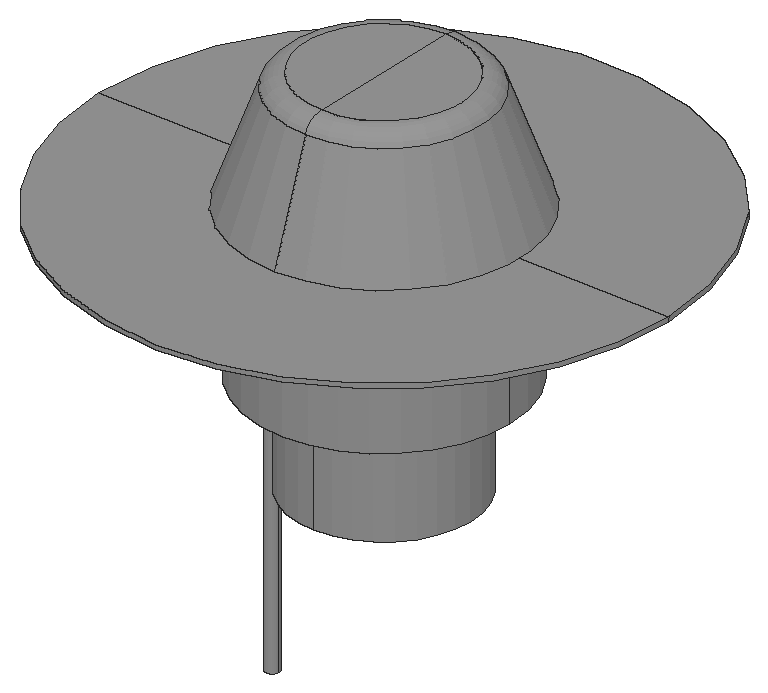
Revit family "HL_Dachablauf_HL62.1F-B-221103", category Instalační zařizovací předměty, Revit 2021
Family settings
  Kóta kulaté spojky = Použít průměr
  Typ dílu = Normální
  Číslo OmniClass = 23.70.50.21.24.14
  Nadpis OmniClass = Deck Waste Water Drains
  Založené na pracovní rovině = Ne
  Vždy vertikální = Ano
  Ořezat dutým tvarem při načtení = Ne
  Sdílené = Ne
  Bod výpočtu místnosti = Ano
Parameters (values of type "HL_Dachablauf_HL62.1F_1")
  Výchozí výška = 0 mm
  Výrobce = "HL Hutterer & Lechner GmbH"  # constant formula
  VOLUMENSTROM [instance] = 0.0 L/s
  URL = "http://www.hutterer-lechner.com/de/products/catalog/roof-drains/HL62.1F/1.aspx"
  RECHTSAUSKUNFT = "Urheberrechte (©), Designrechte und alle anderen Rechte am geistigen Eigentum, sind ausschließlich Eigentum der Firma HL Hutterer&Lechner GmbH. Änderungen sind nicht gestattet. Die Familien (Teile) sind mit Wasserzeichen geschützt."
  MATERIAL = "PP"
  LEISTUNG = "7,85 l/s"
  GEWICHT = "1,02 [kg]"
  EAN = "9003076031788"
  DURCHMESSER = 110 mm
  DIMENSION = "DN110"
  Abdeckung Material [instance] = none
  Přípoj ventilace = no
  Přípoj odpadních dílů = yes
  Přípoj HW = no
  Přípoj CW = no
  Popis = "Dachabläufe"
  Model = "HL62.1F_1"
  Assembly Code = " "
  Komentáře k typům = "HL62.1F/1 Dachablauf DN110 senkrecht mit PP_Kragen und Heizung (10_30W/230V),"
  Keynote = "HL62.1F_1"
  Einbauhöhe [instance] = 0 mm
  G [instance] = 180.00°  # constant formula
  D [instance] = if(DURCHMESSER = 75 mm, 116 mm, if(DURCHMESSER = 110 mm, 60 mm, if(DURCHMESSER = 125 mm, 67 mm, 0 mm))) + Einbauhöhe  # 60 mm
  C [instance] = if(Einbauhöhe - 68 mm < 0 mm, 0 mm, Einbauhöhe - 68 mm)  # 0 mm
  B [instance] = 100 mm  # constant formula
  A [instance] = if(B - 100 mm > 15 mm, B - 100 mm, 15 mm)  # 15 mm
Types (4, lengths in mm): name | URL | LEISTUNG | GEWICHT | EAN | DURCHMESSER | DIMENSION | Model | Komentáře k typům | Keynote | D
  (no name) | "http://www.hutterer-lechner.com/de/products/catalog/roof-drains/HL62.1F/7.aspx" | "7,4 l/s" | "2,02 [kg]" | "9003076031825" | 75 | "DN75" | "HL62.1F_7" | "HL62.1F/7 Dachablauf DN75 senkrecht mit PP_Kragen und Heizung (10_30W/230V)," | "HL62.1F_7" | 116
  HL_Dachablauf_HL62.1F_1 | "http://www.hutterer-lechner.com/de/products/catalog/roof-drains/HL62.1F/1.aspx" | "7,85 l/s" | "1,02 [kg]" | "9003076031788" | 110 | "DN110" | "HL62.1F_1" | "HL62.1F/1 Dachablauf DN110 senkrecht mit PP_Kragen und Heizung (10_30W/230V)," | "HL62.1F_1" | 60
  HL_Dachablauf_HL62.1F_2 | "http://www.hutterer-lechner.com/de/products/catalog/roof-drains/HL62.1F/2.aspx" | "10,75 l/s" | "1,52 [kg]" | "9003076031801" | 125 | "DN125" | "HL62.1F_2" | "HL62.1F/2 Dachablauf DN125 senkrecht mit PP_Kragen und Heizung (10_30W/230V)," | "HL62.1F_2" | 67
  HL_Dachablauf_HL62.1F_7 | "http://www.hutterer-lechner.com/de/products/catalog/roof-drains/HL62.1F/7.aspx" | "7,4 l/s" | "2,02 [kg]" | "9003076031825" | 75 | "DN75" | "HL62.1F_7" | "HL62.1F/7 Dachablauf DN75 senkrecht mit PP_Kragen und Heizung (10_30W/230V)," | "HL62.1F_7" | 116
Reference planes
  plane 1 "Center (Front/Back)": y = 0
  plane 2: z = 0
  plane 3 "Center (Left/Right)": x = 0
  plane 4: z = -100
  plane 5: z = 0
Lines and regions (mm)
  model lines, style "InvisibleLines"
    curve 1: line (0, 0, 0) -> (0, 0, 20)
  model lines, style "PlumbingFixtures", detail levels coarse+medium
    curve 2: line (0, 0, -100) -> (0, 0, -85)
    curve 3: line (0, 0, -85) -> (-85, 0, 0)
    curve 4: line (0, 0, -85) -> (85, 0, 0)
    curve 6: line (0, 0, -100) -> (0, 0, -160)
  reference lines, not visible
    curve 5: line (0, 0, -100) -> (0, 0, -160)
  symbolic lines, style "PlumbingFixtures", detail levels coarse+medium
    curve 7: line (-75, 75, 0) -> (75, 75, 0)
    curve 8: line (-75, -75, 0) -> (-75, 75, 0)
    curve 9: line (75, -75, 0) -> (-75, -75, 0)
    curve 10: line (75, 75, 0) -> (75, -75, 0)
    curve 11: line (-75, 75, 0) -> (-145.711, 145.711, 0)
    curve 12: line (75, 75, 0) -> (145.711, 145.711, 0)
    curve 13: line (-75, -75, 0) -> (-145.711, -145.711, 0)
    curve 14: line (75, -75, 0) -> (145.711, -145.711, 0)
  symbolic lines, style "PlumbingFixtures", not visible, detail levels coarse+medium
    curve 15: line (-75, 75, 0) -> (75, 75, 0)
    curve 16: line (-75, -75, 0) -> (-75, 75, 0)
    curve 17: line (75, -75, 0) -> (-75, -75, 0)
    curve 18: line (75, 75, 0) -> (75, -75, 0)
    curve 19: line (-75, 75, 0) -> (-145.711, 145.711, 0)
    curve 20: line (75, 75, 0) -> (145.711, 145.711, 0)
    curve 21: line (-75, -75, 0) -> (-145.711, -145.711, 0)
    curve 22: line (75, -75, 0) -> (145.711, -145.711, 0)
Text (mm)
  text "FLOOR" at (-162.344, 0, -10.979), in view "Drain Construction View"
Dimensions and locks
  "B": plane 2 to plane 4
  "Einbauhöhe": plane 2 to plane 5
  "A": curve 4 to plane 4
  "D": curve 5 to curve 5
  "D": curve 6 to curve 6
  locked: curve 4 to plane 3 "Center (Left/Right)" (angle 45.00°)
  locked: plane 3 "Center (Left/Right)" to curve 3 (angle 45.00°)
  "G": angle curve 5 to plane 3 "Center (Left/Right)"
  aligned and locked: level to plane 2
  aligned and locked: plane 2 to curve 4
  aligned and locked: plane 2 to curve 3
  aligned and locked: plane 4 to curve 5
  aligned and locked: plane 3 "Center (Left/Right)" to curve 5
  aligned and locked: plane 4 to curve 2
  aligned and locked: curve 6 to plane 3 "Center (Left/Right)"
  aligned and locked: curve 6 to plane 4
  aligned and locked: nested 1 to plane 5
  aligned and locked: nested 1 to plane 3 "Center (Left/Right)"
  aligned and locked: plane 2 to nested 2
  aligned and locked: plane 3 "Center (Left/Right)" to nested 2
Automatic sketch dimensions
  curve 2 to plane 3 "Center (Left/Right)" = 0 mm
  curve 1 to plane 3 "Center (Left/Right)" = 0 mm
  curve 1 to level = 0 mm
  level to curve 1 = 20 mm
Nested families
  nested 1: "HL_Dachablaufkörper_HL62.1F" at (0, 0, 0), DURCHMESSER <- "DURCHMESSER", type "HL_Dachablaufkörper_HL62.1F"
    with OOD 71 mm, L 64 mm, DURCHMESSER 110 mm, A 110 mm
  nested 2: "HL_Zubehör_HL062.1E" at (0, 0, 0), type "HL_Zubehör_HL062.1E"
Connectors
  piping at (0, 0, -160), diameter 110, driven by "VOLUMENSTROM", driven by "DURCHMESSER"
    settings: on curve 5, index 1, connector inside diameter 609.6 mm, connector length 0 mm, flow factor 0, pipe flow 0.0 L/s, pressure drop 0.0 Pa, fitting loss kfactor 0, connector angle 0.00°, fixture units 0, engagement length 0 mm, angle of deflection 0.00°, flow configuration 1, flow direction 2, fitting loss method 0, system type 16, joint type 0, gender type 0, connector reference index -1, connector utility 0, adjustable connector yes, is connector primary yes, connector description ""
Definition of nested family "HL_Dachablaufkörper_HL62.1F"
  Parameters (values of type "HL_Dachablaufkörper_HL62.1F")
    Default Elevation = 0 mm
    OOD [instance] = if(A = 75 mm, 47.5 mm, 71 mm)  # 71 mm
    Manufacturer = ""
    URL = ""
    Description = ""
    DURCHMESSER [instance] = 125 mm
    A [instance] = DURCHMESSER  # 125 mm
    Model = ""
    L [instance] = if(A = 75 mm, 120 mm, if(A = 110 mm, 64 mm, if(A = 125 mm, 71 mm, 0 mm)))  # 71 mm
    Type Comments = ""
    Cost = 0
  Reference planes
    plane 1 "Střed (vpředu/vzadu)": y = 0
    plane 2: z = 0
    plane 3 "Střed (vlevo/vpravo)": x = 0
  Forms (mm)
    Revolve 1, solid, detail levels fine
      sketch origin (0, 0, 0) x (1, 0, 0) y (0, 0, 1)
        loop
          line (-180, -3) -> (-81.687, -3) -> (-81.687, -17.808) -> (-79.882, -20.934) -> (-79.882, -96) -> (0, -96) -> (0, -29.3) -> (-74.763, -29.3) -> (-74.763, -23.875) -> (-78.907, -16.698) -> (-78.907, 0) -> (-180, 0) -> (-180, -3)
        axis (0, 0) -> (0, -96)
      angle from 0 to 360
    Extrusion 2, solid, detail levels fine
      sketch origin (0, 0, -96) x (0, 1, 0) y (1, 0, 0)
        loop
          circle (0, 0) r 62.5
      from 0 to 71
    Sweep 3, solid, detail levels fine
      path in 3D
        loop
          line (-71, 0, -288.3) -> (-71, 0, -96)
      profile origin (-71, 0, -192.15) x (-1, 0, 0) y (0, -1, 0)
        loop
          circle (0, -0.708) r 4.23
  Cuts and joins
    joined: Revolve 1, Extrusion 2
  Lines and regions (mm)
    reference lines
      curve 1: line (-71, 0, -288.3) -> (-71, 0, -96)
      curve 3: line (-61, 0, -96) -> (119, 0, -96)
    sketch lines
      curve 2: line (-71, 0, -288.3) -> (-71, 0, -96)
  Dimensions and locks
    "OOD": plane 3 "Střed (vlevo/vpravo)" to curve 1
    "L": cut or joined group of Revolve 1, Extrusion 2 to cut or joined group of Revolve 1, Extrusion 2
    "A": diameter of Extrusion 2 sketch curve
    aligned and locked: level to plane 2
    aligned and locked: cut or joined group of Revolve 1, Extrusion 2 to curve 3
  Automatic sketch dimensions
    Revolve 1 sketch curve to level = 0 mm
    Revolve 1 sketch curve to plane 3 "Střed (vlevo/vpravo)" = 0 mm  (x2)
    Revolve 1 sketch curve to level = 23.875 mm
    Revolve 1 sketch curve to plane 3 "Střed (vlevo/vpravo)" = 74.763 mm
    Revolve 1 sketch curve to level = 16.698 mm
    Revolve 1 sketch curve to Revolve 1 sketch curve = 4.143 mm
    Revolve 1 sketch curve to level = 20.934 mm
    Revolve 1 sketch curve to Revolve 1 sketch curve = 0.976 mm
    Revolve 1 sketch curve to level = 17.808 mm
    Revolve 1 sketch curve to Revolve 1 sketch curve = 2.78 mm
    Revolve 1 sketch curve to level = 3 mm
    Revolve 1 sketch curve to Revolve 1 sketch curve = 98.313 mm
    Revolve 1 sketch curve to Revolve 1 sketch curve = 5.425 mm
    Revolve 1 sketch curve to Revolve 1 sketch curve = 66.7 mm
    level to Revolve 1 sketch curve = 295.621 mm
    Revolve 1 sketch curve to Revolve 1 sketch curve = 204 mm
    Sweep 3 sketch curve to Sweep 3 sketch curve = 0 mm  (x2)
    Sweep 3 sketch curve to profile plane = 0 mm
    Sweep 3 sketch curve to profile plane = 0.708 mm
    profile plane to Sweep 3 sketch curve = 4.23 mm
    curve 3 to curve 1 = 0 mm
    curve 3 to curve 1 = 190 mm
    curve 3 to curve 1 = 10 mm
    curve 1 to level = 288.3 mm
    curve 1 to level = 96 mm
    Extrusion 2 sketch curve to Revolve 1 = 0 mm
Definition of nested family "HL_Zubehör_HL062.1E"
  Parameters (values of type "HL_Zubehör_HL062.1E")
    Default Elevation = 0 mm
    Manufacturer = "HL Hutterer & Lechner GmbH"
    URL = "http://www.hutterer-lechner.com/de/products/catalog/roof-drains/HL062.1E.aspx"
    Abdeckung Material = none
    RECHTSAUSKUNFT = "Urheberrechte (©), Designrechte und alle anderen Rechte am geistigen Eigentum, sind ausschließlich Eigentum der Firma HL Hutterer&Lechner GmbH. Änderungen sind nicht gestattet. Die Familien (Teile) sind mit Wasserzeichen geschützt."
    Description = "Dachabläufe"
    Model = "HL062.1E"
    Type Comments = "HL062.1E, Laubfangkorb"
    Keynote = "HL062.1E"
    GEWICHT = "0,097 [kg]"
    Volumenstrom [instance] = 0.0 L/s
    EAN = "9003076006212"
    Cost = 0
  Values of the unnamed type that differ from the named types
    Manufacturer = ""
    URL = ""
    RECHTSAUSKUNFT = ""
    Description = ""
    Model = ""
    Type Comments = "HL062.1E, domed plastic grate"
    Keynote = ""
  Reference planes
    plane 1 "Střed (vpředu/vzadu)": y = 0
    plane 2: z = 0
    plane 3 "Střed (vlevo/vpravo)": x = 0
  Forms (mm)
    Revolve 1, solid, detail levels fine
      sketch origin (0, 0, 0) x (0, 1, 0) y (0, 0, 1)
        loop
          line (0, 75) -> (0, 60.2) -> (47.074, 60.2) -> (68.985, 0) -> (86.249, 0) -> (61.992, 66.646)
          arc (61.992, 66.646) -> (56.733, 72.731) -> (49.016, 75) r 14.255
          line (49.016, 75) -> (0, 75)
        axis (0, 75) -> (0, 0)
      angle from 0 to 360
    Extrusion 2, solid, detail levels fine
      sketch origin (0, 0, 0) x (0, 1, 0) y (1, 0, 0)
        loop
          circle (0, 0) r 78.587
        loop
          circle (0, 0) r 70.981
      from 0 to 16.7
    Extrusion 3, solid, detail levels fine
      sketch origin (0, 0, -16.7) x (-1, 0, 0) y (0, 1, 0)
        loop
          circle (0, 0) r 70
        loop
          circle (0, 0) r 74.546
      from 0 to 12.3
  Dimensions and locks
    aligned and locked: level to plane 2
